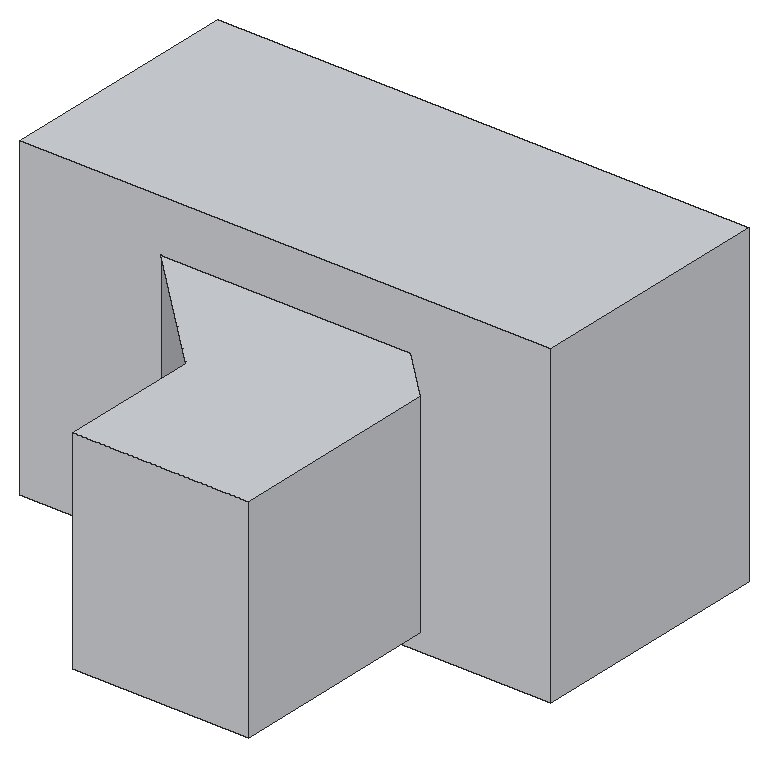
Revit family "Climaver_Branch", category Tvarovky potrubí, Revit 2022
Family settings
  Kóta kulaté spojky = Použít průměr
  Typ dílu = Spoj T
  Číslo OmniClass = 23.75.70.14
  Nadpis OmniClass = Air Ductwork
  Založené na pracovní rovině = Ne
  Vždy vertikální = Ano
  Ořezat dutým tvarem při načtení = Ne
  Sdílené = Ne
Parameters (values of type "CLIMAVER A2 Deco")
  note_V2 = "The height of the part of connection/branching must be the same as the main duct line or at least 140 mm smaller (70 mm to both sides). The rule applies when you are using the h-profile."  # constant formula
  WAR_V2 [instance] = if(or(DUCT_HEIGHT = DUCT_HEIGHT 2, DUCT_HEIGHT - 139 mm > DUCT_HEIGHT 2), 1 mm, if(PANEL THICKNESS = 40 mm, 0 mm, 1 mm))  # 1 mm
  TYPE = "Fitting"  # constant formula
  Rounding radius [instance] = Lenght of main part 1 / tan(Angle 2)  # 482.843 mm
  PANEL AREA [instance] = 2 * (External dimension_Height + External dimension_Width + 200 mm) * LENGTH + 2 * (External dimension_Height 2 + External dimension_Width 2 + 200 mm) * L2  # 2.5935 m²
  MAXIMUM DIMENSION [instance] = if(External dimension_Width > External dimension_Height, External dimension_Width, External dimension_Height)  # 450 mm
  L2 [instance] = External dimension_Width / 2 + OO + Lenght of inner part of the branch  # 724.264 mm
  Installation manual = "https://ssi-climaver.com/assets/pdf/20180924%20climaver_installation_manual_din_a5.pdf"
  Výchozí výška = 0 mm
  DUCT_WIDTH [instance] = 300 mm
  DUCT_HEIGHT 2 [instance] = 250 mm
  DUCT_HEIGHT [instance] = 400 mm
  Angle [instance] = 45.00°  # constant formula
  Angle 2 [instance] = Angle / 2  # 22.50°
  pš 2 [instance] = External dimension_Width 2 / 2  # 125 mm
  piz [instance] = pš 2 - PANEL THICKNESS  # 100 mm
  o1 [instance] = Perimetr  # 1800 mm
  o [instance] = d / 3  # 94.709 mm
  note_V = "The height of the part of connection/branching must be the same as the main duct line or at least 110 mm smaller (55 mm to both sides). The rule applies when you are using the h-profile."  # constant formula
  note_R4 = "Contact climaver team. The table below indicates the types of reinforcement and the distance between each reinforcement."  # constant formula
  note_R3 = "Reinforcement is required. For more information, visit the manufacturer's website. The table below indicates the types of reinforcement and the distance between each reinforcement."  # constant formula
  note_R2 = "At pressures greater than 200 Pa it is necessary to reinforce. For more information, visit the manufacturer's website. The table below indicates the types of reinforcement and the distance between each reinforcement."  # constant formula
  note_R1 = "At pressures greater than 400 Pa it is necessary to reinforce. For more information, visit the manufacturer's website. The table below indicates the types of reinforcement and the distance between each reinforcement. "  # constant formula
  note_L3 min = "The minimum dimension of parameter was exceeded. Lenght of inner part of the branch = 200 mm"  # constant formula
  note_L2 min = "The minimum dimension of parameter was exceeded. Lenght of main part 2 = 200 mm"  # constant formula
  note_L1 min = "The minimum dimension of parameter was exceeded. Length of inner part 1 = 200 mm.\r\n"  # constant formula
  note_L max = "Warning: The fitting must be constructed from more parts."  # constant formula
  note_Di = "The internal dimensions should be at least 200 mm (the recommended min.value for the DUCT_WIDTH and DUCT_HEIGHT)"  # constant formula
  h [instance] = -External dimension_Height  # -450 mm
  d [instance] = (External dimension_Width) / cos(Angle / 2) * 3 / 4  # 284.128 mm
  Warnings = yes
  Warning note [instance] = if(WAR_Di = 0 mm, note_Di, if(WAR_L1 min = 0 mm, note_L1 min, if(WAR_L2 min = 0 mm, note_L2 min, if(WAR_L3 min = 0 mm, note_L3 min, if(WAR_L max = 0 mm, note_L max, if(WAR_V = 0 mm, note_V, if(WAR_V2 = 0 mm, note_V2, "")))))))  # ""
  WAR_V [instance] = if(or(DUCT_HEIGHT = DUCT_HEIGHT 2, DUCT_HEIGHT - 109 mm > DUCT_HEIGHT 2), 1 mm, if(PANEL THICKNESS = 25 mm, 0 mm, 1 mm))  # 1 mm
  WAR_R4 [instance] = or(DUCT_WIDTH > 1500 mm, DUCT_HEIGHT > 1500 mm)  # no
  WAR_R3 [instance] = or(DUCT_WIDTH > 1050 mm, DUCT_HEIGHT > 1050 mm)  # no
  WAR_R2 [instance] = or(DUCT_WIDTH > 900 mm, DUCT_HEIGHT > 900 mm)  # no
  WAR_R1 [instance] = or(DUCT_WIDTH > 600 mm, DUCT_HEIGHT > 600 mm)  # no
  WAR_L3 min [instance] = if(Lenght of inner part of the branch < 200 mm, 0 mm, 1 mm)  # 1 mm
  WAR_L2 min [instance] = if(Lenght of main part 2 < 200 mm, 0 mm, 1 mm)  # 1 mm
  WAR_L1 min [instance] = if(Lenght of main part 1 < 200 mm, 0 mm, 1 mm)  # 1 mm
  WAR_L max [instance] = if(or(Lenght of main part > Maximum length of main part, Perimetr > Maximum lenght of perimeter, Lenght of inner part of the branch + Lenght of main part 1 > Maximum length of main part), 0 mm, 1 mm)  # 1 mm
  WAR_Di [instance] = if((or(DUCT_WIDTH < 200 mm, DUCT_WIDTH 2 < 200 mm, DUCT_HEIGHT < 200 mm, DUCT_HEIGHT 2 < 200 mm)), 0 mm, 1 mm)  # 1 mm
  WAR [instance] = if(or(WAR_L1 min = 0 mm, WAR_L2 min = 0 mm, WAR_L3 min = 0 mm, WAR_V = 0 mm), 0 mm, 1 mm)  # 1 mm
  W [instance] = and(WAR = 0 mm, Warnings)  # no
  Výrobce = "Saint-Gobain - Isover"
  External dimension_Width [instance] = DUCT_WIDTH + 2 * PANEL THICKNESS  # 350 mm
  External dimension_Height [instance] = DUCT_HEIGHT + 2 * PANEL THICKNESS  # 450 mm
  View 1 [instance] = not(DUCT_HEIGHT = DUCT_HEIGHT 2)  # yes
  URL3 = ""
  URL2 = ""
  URL1 = "https://www.isover-technical-insulation.com/products/climaverr-a2-deco"
  Reinforcement note [instance] = if(WAR_R4, note_R4, if(WAR_R3, note_R3, if(WAR_R2, note_R2, if(WAR_R1, note_R1, ""))))  # ""
  PŠ 2 [instance] = External dimension_Width / 2  # 175 mm
  External dimension_Width 2 [instance] = DUCT_WIDTH 2 + 2 * PANEL THICKNESS  # 250 mm
  External dimension_Height 2 [instance] = DUCT_HEIGHT 2 + 2 * PANEL THICKNESS  # 300 mm
  PD [instance] = (((100 mm ^ 2) / 2) ^ 0.5) + (External dimension_Width 2 * tan(22.50°))  # 174.264 mm
  PC [instance] = ((2 * PD ^ 2) ^ 0.5)  # 246.447 mm
  PB [instance] = DSK  # 353.553 mm
  PANEL THICKNESS = 25 mm
  PA [instance] = (External dimension_Width 2 * tan(22.50°)) + Lenght of inner part of the branch  # 303.553 mm
  Indent of the branch (auxiliary) [instance] = PŠ 2 + (100 mm ^ 2 / 2) ^ 0.5  # 245.711 mm
  Indent of the branch y [instance] = Indent of the branch x / tan(45.00°)  # 297.487 mm
  Indent of the branch x2 [instance] = tan(Angle) * (100 mm * cos(Angle) + tan(Angle 2) * External dimension_Width 2) + pš 2  # 299.264 mm
  Indent of the branch x [instance] = tan(Angle) * (PŠ 2 + 100 mm * cos(Angle) + tan(Angle 2) * pš 2)  # 297.487 mm
  Perimetr [instance] = 2 * External dimension_Height + 2 * External dimension_Width + 200 mm  # 1800 mm
  OO [instance] = External dimension_Width / 2 + (((100 mm ^ 2) / 2) ^ 0.5) + (External dimension_Width 2 * tan(22.50°))  # 349.264 mm
  Maximum lenght of perimeter = 3000 mm  # constant formula
  Maximum length of main part [instance] = 1190 mm
  LENGTH [instance] = Lenght of main part 1 + Lenght of main part 2 + (((External dimension_Width 2 ^ 2) * 2) ^ 0.5)  # 753.553 mm
  Lenght of inner part 3_2 [instance] = External dimension_Width 2 + 100 mm - External dimension_Width 2 / tan(67.50°)  # 246.447 mm
  Lenght of main part 2 [instance] = 200 mm
  Minimum lenght of main parts [instance] = 200 mm  # constant formula
  Family collaps = no
  Lenght 30 [instance] = Lenght 3 - Lenght of inner part of the branch  # 51.777 mm
  Lenght of main part [instance] = Lenght of main part 1 + Lenght of main part 2 + DSK  # 753.553 mm
  Lenght 3 [instance] = tan(Angle 2) * (pš 2 + Rounding radius 3)  # 251.777 mm
  Lenght 21 [instance] = PŠ 2 + Rounding radius  # 657.843 mm
  c1 [instance] = PŠ 2 + Rounding radius  # 657.843 mm
  URL = "https://www.isover-technical-insulation.com/hvac/climaverr-self-supporting-ducts"
  Rounding radius 21 [instance] = Rounding radius 3 + External dimension_Width / 2  # 657.843 mm
  Rounding radius 3 [instance] = Lenght of inner part of the branch / tan(Angle 2)  # 482.843 mm
  Popis = "Branch"
  Model = "CLIMAVER A2 Deco (Fire behaviour A2-s1, d0, Acoustic absorption 0,85)"
  Material = none
  Komentáře k typům = "Glass wool duct boards for air conditioning, ventilation and heating systems. The system allow to make foursquare duct/duct lines (straight duct, elbow, offset, branch etc.) The panel a high density glass wool duct board and is faced on both sides. The outer facing, a robust aluminum facing, acts as a vapor barrier and ensures that the duct is airtight. The inner facing of the duct may be either a reinforced aluminum facing or a woven glass facing.The pre-insulated, self-supporting duct is designed to offer excellent acoustics, excellent thermal performance and a high level of air-tightness, making the system energy efficient. Application as EN 13403, Airtightness: Thermal conductivity λ = 0,032 [W/(m·K)] for T = 10 °C, Class D, Maximum Static pressure: 800 Pa, Maximum air speed: 18 m/s, Maximum temperature of circulating air: 90°C, Maximum external air temperature 60°C, Minimum temperature: – 30˚C, Dimensional stability: Quantities and measured values : <1 %, Duct assembly: exclusive male/female molded shiplap, Water-vapour diffusion resistence: >140 m².h.Pa/mg (from the facing)."  # constant formula
  Lenght of inner part of the branch [instance] = 200 mm
  Lenght of main part 1 [instance] = 200 mm
  Lenght 1 [instance] = tan(Angle 2) * (PŠ 2 + Rounding radius)  # 272.487 mm
  DUCT_WIDTH 2 [instance] = 200 mm
  DSK [instance] = External dimension_Width 2 / cos(45.00°)  # 353.553 mm
  DHC2 [instance] = (DUCT_WIDTH 2 / 2 + PANEL THICKNESS) - (100 mm ^ 2 / 2) ^ 0.5  # 54.289 mm
  Collapse [instance] = and(WAR = 0 mm, Family collaps)  # no
  COPYRIGHT = "Saint-Gobain - Isover"  # constant formula
Types (4, lengths in mm): name | PANEL AREA | MAXIMUM DIMENSION | L2 | DUCT_HEIGHT 2 | pš 2 | o1 | o | h | d | Warnings | External dimension_Width | External dimension_Height | URL3 | URL2 | URL1 | PŠ 2 | External dimension_Width 2 | External dimension_Height 2 | PD | PC | PB | PANEL THICKNESS | PA | Indent of the branch (auxiliary) | Indent of the branch y | Indent of the branch x2 | Indent of the branch x | Perimetr | OO | Maximum length of main part | LENGTH | Lenght of inner part 3_2 | Family collaps | Lenght 30 | Lenght of main part | Lenght 3 | Lenght 21 | c1 | Rounding radius 21 | Model | Lenght 1 | DSK | DHC2
  CLIMAVER Plus R, CLIMAVER A2 Plus | 2.52108 m² | 450 | 724.264 | 200 | 125 | 1800 | 94.709 | -450 | 284.128 | no | 350 | 450 | "" | "https://www.isover-technical-insulation.com/products/climaverr-a2-plus" | "https://www.isover-technical-insulation.com/products/climaverr-plus-r" | 175 | 250 | 250 | 174.264 | 246.447 | 353.553 | 25 | 303.553 | 245.711 | 297.487 | 299.264 | 297.487 | 1800 | 349.264 | 1190 | 753.553 | 246.447 | yes | 51.777 | 753.553 | 251.777 | 657.843 | 657.843 | 657.843 | "CLIMAVER Plus R, CLIMAVER A2 Plus (Fire reaction B-s1, d0; A2-s1, d0, Acoustic absorption 0,30)" | 272.487 | 353.553 | 54.289
  CLIMAVER Neto, CLIMAVER A2 Neto | 2.52108 m² | 450 | 724.264 | 200 | 125 | 1800 | 94.709 | -450 | 284.128 | yes | 350 | 450 | "" | "https://www.isover-technical-insulation.com/products/climaverr-a2-neto" | "https://www.isover-technical-insulation.com/products/climaverr-neto" | 175 | 250 | 250 | 174.264 | 246.447 | 353.553 | 25 | 303.553 | 245.711 | 297.487 | 299.264 | 297.487 | 1800 | 349.264 | 1190 | 753.553 | 246.447 | no | 51.777 | 753.553 | 251.777 | 657.843 | 657.843 | 657.843 | "CLIMAVER Neto, CLIMAVER A2 Neto (Fire reaction B-s1, d0; A2-s1, d0, Acoustic absorption 0,85)" | 272.487 | 353.553 | 54.289
  CLIMAVER A2 Deco | 2.5935 m² | 450 | 724.264 | 250 | 125 | 1800 | 94.709 | -450 | 284.128 | yes | 350 | 450 | "" | "" | "https://www.isover-technical-insulation.com/products/climaverr-a2-deco" | 175 | 250 | 300 | 174.264 | 246.447 | 353.553 | 25 | 303.553 | 245.711 | 297.487 | 299.264 | 297.487 | 1800 | 349.264 | 1190 | 753.553 | 246.447 | no | 51.777 | 753.553 | 251.777 | 657.843 | 657.843 | 657.843 | "CLIMAVER A2 Deco (Fire behaviour A2-s1, d0, Acoustic absorption 0,85)" | 272.487 | 353.553 | 54.289
  CLIMAVER Apta, A2 Apta, A1 Apta | 2.85285 m² | 480 | 766.69 | 200 | 140 | 1920 | 102.827 | -480 | 308.482 | yes | 380 | 480 | "https://www.isover-technical-insulation.com/products/climaverr-a1-apta" | "https://www.isover-technical-insulation.com/products/climaverr-a2-apta" | "https://www.isover-technical-insulation.com/products/climaverr-apta" | 190 | 280 | 280 | 186.69 | 264.02 | 395.98 | 40 | 315.98 | 260.711 | 318.701 | 326.69 | 318.701 | 1920 | 376.69 | 1210 | 795.98 | 264.02 | no | 57.99 | 795.98 | 257.99 | 672.843 | 672.843 | 672.843 | "CLIMAVER Apta, A2 Apta, A1 Apta (Fire reaction B-s1, d0; A2-s1, d0; A1, Acoustic absorption 0,90)" | 278.701 | 395.98 | 69.289
Reference planes
  plane 1 "y_odbočka": x = 12.157
  plane 2: z = 0
  plane 3 "x_odbočka": y = -295.403
  plane 4 "horni": z = 225
  plane 5 "dolni": z = -225
  plane 6 "Center(Left/Right)": x = 309.645
  plane 7 "Center": y = -295.403
  plane 8 "přední": y = -470.403
  plane 9 "zadní": y = -120.403
  plane 10: x = 10.381
  plane 11: y = -541.114
  plane 12: y = -145.403
  plane 13: y = -445.403
  plane 14: x = 209.645
  plane 15: x = 409.645
  plane 16: z = 200
  plane 17: z = -200
  plane 18: z = 125
  plane 19: z = -125
  plane 20: x = 363.934
  plane 21: y = -644.668
Forms (mm)
  Sweep 1, solid, material <- "Material", detail levels medium+fine
    path in 3D
      loop
        line (12.157, -295.403, 0) -> (309.645, -592.891, 0) -> (309.645, -844.668, 0)
    profile "M_Duct - Rectangular : Duct - Rectangular 2" origin (160.901, -444.147, 0) x (0.707107, 0.707107, 0) y (0, 0, 1)
      loop
        line (-125, 150) -> (-125, -150) -> (125, -150) -> (125, 150) -> (-125, 150)
  Sweep 2, solid, material <- "Material", detail levels medium+fine
    path in 3D
      loop
        line (-189.619, -295.403, 0) -> (563.934, -295.403, 0)
    profile "M_Duct - Rectangular : Duct - Rectangular" origin (187.157, -295.403, 0) x (0, 1, 0) y (0, 0, 1)
      loop
        line (-175, 225) -> (-175, -225) -> (175, -225) -> (175, 225) -> (-175, 225)
Cuts and joins
  joined: Sweep 1, Sweep 2
Lines and regions (mm)
  model lines, style "InvisibleLines"
    curve 1: line (-159.387, -178.517, 0) -> (-131.102, -150.233, 0)
    curve 2: line (-131.102, -150.233, 0) -> (-131.102, -230.233, 0)
  model lines, style "InvisibleLines", not visible
    curve 3: line (80.673, 222.588, 0) -> (108.957, 250.873, 0)
    curve 4: line (108.957, 250.873, 0) -> (108.957, 170.873, 0)
  reference lines
    curve 5: line (309.645, -592.891, 0) -> (309.645, -844.668, 0)
    curve 10: line (610.126, -592.891, 0) -> (9.163, -592.891, 0)
    curve 11: line (309.645, -592.891, 0) -> (434.645, -592.891, 0)
    curve 14: line (-189.619, -295.403, 0) -> (563.934, -295.403, 0)
    curve 15: line (309.645, -844.668, 0) -> (309.645, -295.403, 0)
    curve 16: line (563.934, -295.403, 0) -> (563.934, -120.403, 0)
    curve 17: line (-189.619, -295.403, 0) -> (-189.619, -120.403, 0)
    curve 18: line (309.645, -844.668, 0) -> (434.645, -844.668, 0)
    curve 19: line (184.645, -644.668, 0) -> (464.645, -528.688, 0)
    curve 26: line (-65.053, -560.101, -150) -> (765.694, -560.101, -150)
    curve 27: line (253.381, -844.668, 0) -> (424.994, -844.668, 0)
    curve 56: line (10.381, -470.403, -150) -> (151.802, -611.825, -150)
    curve 57: line (363.934, -470.403, -150) -> (550.624, -657.094, -150)
    curve 70: line (184.645, -733.86, -150) -> (184.645, -973.86, -150)
    curve 71: line (434.645, -690.876, -150) -> (434.645, -894.668, -150)
  model lines, detail levels coarse
    curve 6: line (12.157, -295.403, 0) -> (309.645, -592.891, 0)
    curve 7: line (309.645, -592.891, 0) -> (309.645, -844.668, 0)
    curve 12: line (-189.619, -295.403, 0) -> (563.934, -295.403, 0)
  sketch lines
    curve 8: line (12.157, -295.403, 0) -> (309.645, -592.891, 0)
    curve 9: line (309.645, -592.891, 0) -> (309.645, -844.668, 0)
    curve 13: line (-189.619, -295.403, 0) -> (563.934, -295.403, 0)
  model lines, style "Climaver_Inner wall of fittings", detail levels medium
    curve 20: line (-189.619, -145.403, -225) -> (563.934, -145.403, -225)
    curve 21: line (303.579, -445.403, -225) -> (563.934, -445.403, -225)
    curve 22: line (-189.619, -145.403, 225) -> (563.934, -145.403, 225)
    curve 23: line (-189.619, -445.403, 225) -> (20.736, -445.403, 225)
    curve 24: line (209.645, -634.312, 150) -> (20.736, -445.403, 150)
    curve 25: line (-189.619, -470.403, -200) -> (563.934, -470.403, -200)
    curve 28: line (409.645, -551.469, 150) -> (303.579, -445.403, 150)
    curve 29: line (209.645, -634.312, 150) -> (209.645, -844.668, 150)
    curve 30: line (409.645, -551.469, 150) -> (409.645, -844.668, 150)
    curve 33: line (209.645, -634.312, -150) -> (20.736, -445.403, -150)
    curve 34: line (409.645, -551.469, -150) -> (303.579, -445.403, -150)
    curve 35: line (209.645, -634.312, -150) -> (209.645, -844.668, -150)
    curve 36: line (409.645, -551.469, -150) -> (409.645, -844.668, -150)
    curve 39: line (-189.619, -470.403, 200) -> (563.934, -470.403, 200)
    curve 42: line (-189.619, -120.403, -200) -> (563.934, -120.403, -200)
    curve 43: line (-189.619, -120.403, 200) -> (563.934, -120.403, 200)
    curve 46: line (563.934, -145.403, -225) -> (563.934, -445.403, -225)
    curve 47: line (-189.619, -145.403, -225) -> (-189.619, -445.403, -225)
    curve 48: line (303.579, -445.403, 225) -> (563.934, -445.403, 225)
    curve 55: line (-189.619, -445.403, -225) -> (20.736, -445.403, -225)
    curve 58: line (184.645, -644.668, -125) -> (10.381, -470.403, -125)
    curve 59: line (434.645, -541.114, -125) -> (363.934, -470.403, -125)
    curve 60: line (184.645, -644.668, -125) -> (184.645, -844.668, -125)
    curve 61: line (434.645, -541.114, -125) -> (434.645, -844.668, -125)
    curve 64: line (184.645, -644.668, 125) -> (10.381, -470.403, 125)
    curve 65: line (434.645, -541.114, 125) -> (363.934, -470.403, 125)
    curve 66: line (184.645, -644.668, 125) -> (184.645, -844.668, 125)
    curve 67: line (434.645, -541.114, 125) -> (434.645, -844.668, 125)
  model lines, style "Climaver_Inner wall of fittings", not visible, detail levels medium
    curve 31: line (409.645, -844.668, 150) -> (209.645, -844.668, 150)
    curve 32: line (303.579, -445.403, 150) -> (20.736, -445.403, 150)
    curve 37: line (409.645, -844.668, -150) -> (209.645, -844.668, -150)
    curve 38: line (303.579, -445.403, -150) -> (20.736, -445.403, -150)
    curve 40: line (563.934, -470.403, -200) -> (563.934, -470.403, 200)
    curve 41: line (-189.619, -470.403, -200) -> (-189.619, -470.403, 200)
    curve 44: line (563.934, -120.403, -200) -> (563.934, -120.403, 200)
    curve 45: line (-189.619, -120.403, -200) -> (-189.619, -120.403, 200)
    curve 50: line (20.736, -445.403, 225) -> (77.127, -501.794, 225)
    curve 51: line (303.579, -445.403, 225) -> (363.683, -505.508, 225)
    curve 52: line (20.736, -445.403, -225) -> (77.127, -501.794, -225)
    curve 53: line (303.579, -445.403, -225) -> (363.683, -505.508, -225)
    curve 62: line (434.645, -844.668, -125) -> (184.645, -844.668, -125)
    curve 63: line (363.934, -470.403, -125) -> (10.381, -470.403, -125)
    curve 68: line (434.645, -844.668, 125) -> (184.645, -844.668, 125)
    curve 69: line (363.934, -470.403, 125) -> (10.381, -470.403, 125)
    curve 72: line (563.934, -145.403, 225) -> (563.934, -445.403, 225)
    curve 73: line (-189.619, -445.403, 225) -> (-189.619, -145.403, 225)
  model lines, style "Climaver_Inner wall of fittings", visible <- "View 1", detail levels medium
    curve 49: line (20.736, -445.403, 225) -> (303.579, -445.403, 225)
    curve 54: line (20.736, -445.403, -225) -> (303.579, -445.403, -225)
Dimensions and locks
  equal spacing: plane 4 "horni", plane 2, plane 5 "dolni"
  "External dimension_Height": plane 4 "horni" to plane 5 "dolni"
  "pš 2": curve 11 to curve 11
  equal spacing: plane 9 "zadní", plane 7 "Center", plane 8 "přední"
  "External dimension_Width": plane 9 "zadní" to plane 8 "přední"
  "Indent of the branch x": plane 1 "y_odbočka" to curve 5
  "Indent of the branch y": plane 7 "Center" to curve 10
  "Indent of the branch x": plane 1 "y_odbočka" to plane 6 "Center(Left/Right)"
  "Indent of the branch x2": plane 10 to plane 6 "Center(Left/Right)"
  "Indent of the branch y": plane 7 "Center" to curve 11
  locked: cut or joined group of Sweep 1, Sweep 2 to curve 2 at 29.829
  "DHC2": plane 6 "Center(Left/Right)" to plane 20
  locked: curve 17 to curve 1 at 30.233
  "Indent of the branch (auxiliary)": plane 7 "Center" to plane 11
  "pš 2": curve 18 to curve 18
  equal spacing: plane 12, plane 7 "Center", plane 13
  "PANEL THICKNESS": plane 13 to plane 8 "přední"
  equal spacing: plane 14, plane 6 "Center(Left/Right)", plane 15
  equal spacing: plane 17, plane 2, plane 16
  "DUCT_HEIGHT": plane 17 to plane 16
  equal spacing: plane 19, plane 2, plane 18
  "DUCT_HEIGHT 2": plane 19 to plane 18
  "DUCT_WIDTH 2": plane 14 to plane 15
  "PANEL THICKNESS": curve 24 to curve 56
  "OO": plane 21 to plane 7 "Center"
  "Lenght of main part 1": curve 17 to plane 10
  "Lenght of main part 2": plane 20 to curve 16
  "PANEL THICKNESS": curve 57 to curve 28
  "PANEL THICKNESS": curve 33 to curve 56
  "PANEL THICKNESS": curve 57 to curve 34
  "PANEL THICKNESS": curve 56 to curve 50
  "PANEL THICKNESS": curve 57 to curve 51
  locked: curve 50 to curve 50 at 79.749
  locked: curve 51 to curve 51 at 85
  locked: curve 52 to curve 52 at 79.749
  locked: curve 53 to curve 53 at 85
  "PANEL THICKNESS": curve 56 to curve 52
  "PANEL THICKNESS": curve 57 to curve 53
  "Lenght of inner part of the branch": plane 21 to curve 27
  equal spacing: curve 70, plane 6 "Center(Left/Right)", curve 71
  "pš 2": curve 70 to plane 6 "Center(Left/Right)"
  locked: curve 19 to plane 6 "Center(Left/Right)" (angle 67.50°)
  "Angle": angle plane 14 to curve 24
  locked: curve 56 to plane 8 "přední" (angle 45.00°)
  locked: curve 57 to plane 8 "přední" (angle 45.00°)
  aligned and locked: curve 5 to curve 7
  aligned and locked: curve 6 to plane 1 "y_odbočka"
  aligned and locked: plane 3 "x_odbočka" to plane 7 "Center"
  aligned and locked: curve 12 to plane 7 "Center"
  aligned and locked: plane 6 "Center(Left/Right)" to curve 6
  aligned and locked: curve 14 to plane 7 "Center"
  aligned and locked: curve 15 to plane 6 "Center(Left/Right)"
  aligned and locked: plane 7 "Center" to curve 16
  aligned and locked: plane 9 "zadní" to curve 17
  aligned and locked: plane 9 "zadní" to curve 16
  aligned and locked: curve 12 to curve 17
  aligned and locked: curve 18 to curve 7
  aligned and locked: curve 11 to nested 1
  aligned and locked: curve 27 to curve 15
  aligned and locked: curve 12 to curve 16
  aligned and locked: curve 30 to plane 15
  aligned and locked: curve 31 to curve 27
  aligned and locked: plane 13 to curve 38
  aligned and locked: curve 37 to curve 18
  aligned and locked: curve 36 to plane 15
  aligned and locked: plane 14 to curve 35
  aligned and locked: plane 16 to curve 39
  aligned and locked: curve 41 to curve 17
  aligned and locked: curve 40 to curve 12
  aligned and locked: plane 17 to curve 42
  aligned and locked: plane 16 to curve 43
  aligned and locked: curve 45 to curve 17
  aligned and locked: curve 44 to curve 16
  aligned and locked: curve 47 to curve 17
  aligned and locked: curve 46 to curve 16
  aligned and locked: plane 10 to curve 56
  aligned and locked: plane 8 "přední" to curve 56
  aligned and locked: plane 8 "přední" to curve 57
  aligned and locked: plane 20 to curve 57
  aligned and locked: curve 48 to plane 13
  aligned and locked: curve 49 to plane 13
  aligned and locked: curve 23 to plane 13
  aligned and locked: curve 21 to plane 13
  aligned and locked: curve 22 to plane 12
  aligned and locked: curve 20 to plane 12
  aligned and locked: plane 14 to curve 29
  aligned and locked: plane 13 to curve 32
  aligned and locked: plane 8 "přední" to curve 63
  aligned and locked: plane 8 "přední" to curve 69
  aligned and locked: curve 57 to curve 59
  aligned and locked: curve 61 to curve 71
  aligned and locked: curve 58 to curve 56
  aligned and locked: curve 60 to curve 70
  aligned and locked: curve 62 to curve 27
  aligned and locked: curve 65 to curve 57
  aligned and locked: curve 67 to curve 61
  aligned and locked: curve 64 to curve 56
  aligned and locked: curve 66 to curve 70
  aligned and locked: curve 68 to curve 27
  aligned and locked: curve 73 to curve 17
  aligned and locked: curve 72 to curve 16
Automatic sketch dimensions
  curve 7 to curve 5 = 0 mm
  plane 3 "x_odbočka" to curve 6 = 0 mm
  curve 25 to plane 17 = 0 mm
  curve 19 to plane 21 = 0 mm
  curve 5 to curve 15 = 0 mm
  curve 27 to plane 14 = 43.736 mm
  curve 27 to curve 18 = 9.651 mm
  curve 10 to curve 5 = 300.482 mm
  curve 5 to curve 10 = 300.482 mm
  curve 26 to curve 57 = 220.661 mm
  curve 57 to curve 71 = 105.897 mm
  curve 71 to curve 71 = 144.103 mm  (x2)
  curve 56 to curve 70 = 63.069 mm
  curve 56 to curve 26 = 116.765 mm
  curve 70 to curve 70 = 169.706 mm
  curve 56 to curve 26 = 10.086 mm
  curve 57 to curve 26 = 83.493 mm
Nested families
  nested 1: "Warnings_HVAC" at (434.645, -595.391, 0.279) x (0, 0, 1) z (1, 0, 0), visible <- "W", type "Warnings_HVAC"
    with Viditelnost yes
Connectors
  hvac at (-189.619, -295.403, 0), driven by "DUCT_HEIGHT", driven by "DUCT_WIDTH"
    settings: on curve 14, index 1, duct flow 0.0 L/s, flow factor 0, pres drop 0.0 Pa, loss coef 0, conn angle 0.00°, conn width 300 mm, conn height 400 mm, conn diameter 609.6 mm, duct sys type 28, conn prof type 1, flow config 0, flow direction 0, loss method 4, conn ref index 2, conn util no, is conn primary yes, conn desc ""
  hvac at (563.934, -295.403, 0), driven by "DUCT_HEIGHT", driven by "DUCT_WIDTH"
    settings: on curve 14, index 2, duct flow 0.0 L/s, flow factor 0, pres drop 0.0 Pa, loss coef 0, conn angle 0.00°, conn width 300 mm, conn height 400 mm, conn diameter 609.6 mm, duct sys type 28, conn prof type 1, flow config 0, flow direction 0, loss method 4, conn ref index 1, conn util no, is conn primary no, conn desc ""
  hvac at (309.645, -844.668, 0), driven by "DUCT_HEIGHT 2", driven by "DUCT_WIDTH 2"
    settings: on curve 15, index 3, duct flow 0.0 L/s, flow factor 0, pres drop 0.0 Pa, loss coef 0, conn angle 0.00°, conn width 200 mm, conn height 250 mm, conn diameter 609.6 mm, duct sys type 28, conn prof type 1, flow config 0, flow direction 0, loss method 4, conn ref index -1, conn util no, is conn primary no, conn desc ""
Definition of nested family "Warnings_HVAC"
  Parameters (values of type "Warnings_HVAC")
    Manufacturer = ""
    Default Elevation = 0 mm
    Viditelnost [instance] = yes
    URL = ""
    Description = ""
    Model = ""
    Type Comments = ""
    Collapse = no
    Collapser = if(Collapse, -1 mm, 206 mm)  # 206 mm
    Cost = 0
    COPYRIGHT = "© cadconsulting, spol. s r.o."  # constant formula
  Reference planes
    plane 1 "Střed (vpředu/vzadu)": z = 0
    plane 2: z = 0
    plane 3 "Střed (vlevo/vpravo)": x = 0
    plane 4: z = 50
    plane 5: z = 256
    plane 6 "Střed Vpředu/Vzadu": y = -2.5
  Forms (mm)
    Revolve 1, solid, visible <- "Viditelnost"
      sketch origin (0, -2.5, 1200) x (1, 0, 0) y (0, 0, 1)
        loop
          line (-18.367, -945.083) -> (-8.69, -1109.259)
          arc (-8.69, -1109.259) -> (-5.971, -1115.081) -> (0, -1117.452) r 8.705
          line (0, -1117.452) -> (0, -925.601)
          arc (0, -925.601) -> (-13.387, -931.379) -> (-18.367, -945.083) r 18.399
        loop
          arc (0, -1135) -> (-15, -1150) -> (0, -1165) r 15
          line (0, -1165) -> (0, -1135)
        axis (0, -1165) -> (0, -925.601)
      angle from 0 to 360
  Lines and regions (mm)
    reference lines
      curve 1: line (0, -2.5, 50) -> (0, -2.5, 261)
  Dimensions and locks
    "Collapser": plane 5 to plane 4
    locked: plane 4 to plane 2 at 50
    aligned and locked: level to plane 2
    aligned and locked: plane 4 to curve 1
    aligned and locked: plane 3 "Střed (vlevo/vpravo)" to curve 1
    aligned and locked: Revolve 1 sketch curve to plane 3 "Střed (vlevo/vpravo)"
    aligned and locked: plane 3 "Střed (vlevo/vpravo)" to Revolve 1 sketch curve  (x3)
    aligned and locked: plane 5 to Revolve 1 sketch curve
    aligned and locked: plane 4 to Revolve 1 sketch curve
  Automatic sketch dimensions
    curve 1 to plane 5 = 5 mm
    Revolve 1 sketch curve to plane 3 "Střed (vlevo/vpravo)" = 0 mm
    Revolve 1 sketch curve to plane 4 = 0 mm
    Revolve 1 sketch curve to plane 5 = 0 mm
    Revolve 1 sketch curve to plane 3 "Střed (vlevo/vpravo)" = 8.69 mm
    plane 5 to Revolve 1 sketch curve = 1.083 mm
    Revolve 1 sketch curve to plane 3 "Střed (vlevo/vpravo)" = 18.367 mm
    Revolve 1 sketch curve to Revolve 1 sketch curve = 15 mm
    Revolve 1 sketch curve to Revolve 1 sketch curve = 8.193 mm
